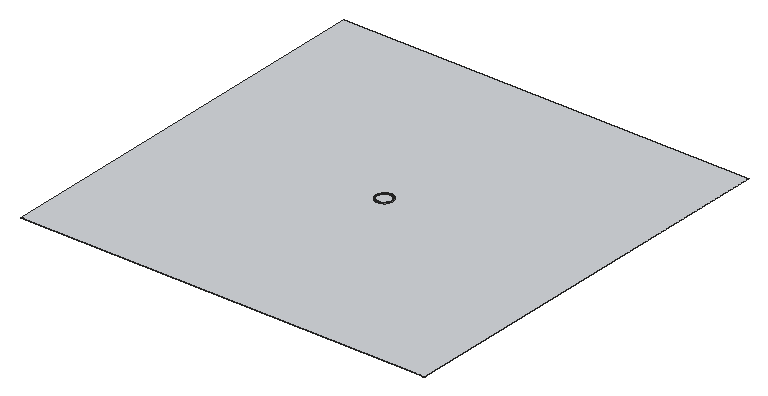
Revit family "LAMP_KOMBIC 100 ROUND IP40 TW OPAL", category Luminarias, Revit 2018
Family settings
  Anfitrión = Cara
  Cota de conector redondo = Diámetro de uso
  Tipo de pieza = Normal
  Corte con vacíos al cargar = No
  Origen de luz = Sí
  Compartido = No
  Punto de cálculo de habitación = No
Parameters (values of type "1246LM TW DALI W/W")
  Ángulo de inclinación = -90.00°
  Weight = 0.55 kg
  Wattage = 20.7 W
  UGR = ""
  Type = "BRIDGELUX"
  built-in parameter 1150107 = 3000 (stored number, unit not read)
  Recessed diameter = 95 mm
  built-in parameter 1150110 = 1 (stored number, unit not read)
  built-in parameter 1150109 = 1 (stored number, unit not read)
  built-in parameter 1150112 = 1 (stored number, unit not read)
  built-in parameter 1150113 = 1 (stored number, unit not read)
  built-in parameter 1114218 = 1 (stored number, unit not read)
  Protection rating = "IP40"
  Product datasheet = "http://www.lamp.es/product-files/TECH/K11RD2040OP9TWDWW-EN.pdf"
  Product code = "K11RD2040OP9TWDWW"
  Product URL = "https://www.lamp.es/en/family/kombic-downlight_33313"
  Power Supply = "220-240V 50/60Hz"
  Power = 16 W
  Plum = 20.7 W
  built-in parameter 1150137 = (empty or 0)
  built-in parameter 1150132 = 2
  Modelo = Product code  # "K11RD2040OP9TWDWW"
  Material reflector = LAMP_PC Reflector Kombic Blanco
  Material disipador = LAMP_Aluminio Disipador Kombic
  Material difusor = LAMP_PMMA Difusor Kombic
  Material aro = LAMP_Plástico genérico BL
  Manufacturer name = "LAMP"
  Manufacturer country = "Spain"
  Manufacturer URL = "http://www.lamp.es/en"
  MacAdam = "3"
  Luminaire type = "Downlight"
  Last update = "13/07/2021"
  Lamp = "HIGH POWER LED"
  LED Lifetime = "70.000 L80 B10"
  built-in parameter 1150105 = 1115.1 (stored number, unit not read)
  built-in parameter 1150102 = (empty or 0)
  Insulation class = "II"
  Installation instructions = "https://www.lamp.es/product-files/packed/by-family/33313_INS_all.zip"
  Initial color = "2700-5000K"
  built-in parameter 1150106 = 11.151 (stored number, unit not read)
  IEE = "A"
  Height = 75 mm
  Gear = "Electronic"
  Lumens = 1246.14 lm
  Finish = "Matte white RAL 9010"
  Color Filter = 16777215
  built-in parameter 1114217 = 1 (stored number, unit not read)
  built-in parameter 1150139 = (empty or 0)
  Fabricante = Manufacturer name  # "LAMP"
  Default Elevation = 1219.2 mm
  built-in parameter 1150104 = 5.5928 (stored number, unit not read)
  Efficacy = 60.2 lm/W
  Diameter = 99 mm
  built-in parameter 1150115 = 1 (stored number, unit not read)
  built-in parameter 1150114 = 1 (stored number, unit not read)
  built-in parameter 1150138 = (empty or 0)
  built-in parameter 1150134 = (empty or 0)
  Dimming Lamp Color Temperature Shift = (empty or 0)
  CRI = "90"
  Archivo de red fotométrica = "K11RD2040OP9TWDWW.IES"
  built-in parameter 1150133 = 10 (stored number, unit not read)
Types (3, lengths in mm): name | Product datasheet | Product code | Modelo | Material reflector | built-in parameter 1150105 | built-in parameter 1150106 | Lumens | Finish | built-in parameter 1150104 | Efficacy | Archivo de red fotométrica
  1246LM TW DALI W/W | "http://www.lamp.es/product-files/TECH/K11RD2040OP9TWDWW-EN.pdf" | "K11RD2040OP9TWDWW" | "K11RD2040OP9TWDWW" | LAMP_PC Reflector Kombic Blanco | 1115.1 (stored number, unit not read) | 11.151 (stored number, unit not read) | 1246.14 lm | "Matte white RAL 9010" | 5.5928 (stored number, unit not read) | 60.2 lm/W | "K11RD2040OP9TWDWW.IES"
  1263LM TW DALI M/W | "http://www.lamp.es/product-files/TECH/K11RD2040OP9TWDMW-EN.pdf" | "K11RD2040OP9TWDMW" | "K11RD2040OP9TWDMW" | LAMP_PC Reflector Kombic Metalizado Mate | 1129.9 (stored number, unit not read) | 11.299 (stored number, unit not read) | 1262.7 lm | "Shiny white RAL 9010" | 5.6671 (stored number, unit not read) | 61 lm/W | "K11RD2040OP9TWDMW.IES"
  1349LM TW DALI BR/W | "http://www.lamp.es/product-files/TECH/K11RD2040OP9TWDRW-EN.pdf" | "K11RD2040OP9TWDRW" | "K11RD2040OP9TWDRW" | LAMP_PC Reflector Kombic Metalizado Brillante | 1207.7 (stored number, unit not read) | 12.077 (stored number, unit not read) | 1349.64 lm | "Shiny white RAL 9010" | 6.0573 (stored number, unit not read) | 65.2 lm/W | "K11RD2040OP9TWDRW.IES"
Reference planes
  plane 1 "Centro (Frontal/Posterior)": y = 0
  plane 2: z = 0
  plane 3 "Centro (Izquierda/Derecha)": x = 0
Forms (mm)
  Extrusion 1, solid
    sketch origin (0, 0, 0) x (1, 0, 0) y (0, 1, 0)
      loop
        line (-1219.2, 1219.2) -> (-1219.2, -1219.2) -> (1219.2, -1219.2) -> (1219.2, 1219.2) -> (-1219.2, 1219.2)
    from 0 to -1
  Revolve 2, solid, material "LAMP_Plástico genérico BL" <- "Material aro"
    sketch origin (0, 0, 1.5) x (-1, 0, 0) y (0, 0, -1)
      loop
        arc (37.791, 25.939) -> (31.498, 30.773) -> (23.839, 32.85) r 20.471
        line (23.839, 32.85) -> (23.839, 30.55)
        arc (23.839, 30.55) -> (39.935, 20.082) -> (44.765, 1.5) r 26.552
        line (44.765, 1.5) -> (43.765, 1.5) -> (43.765, 0) -> (49.506, 0) -> (49.506, 1.5) -> (46.246, 1.5)
        arc (46.246, 1.5) -> (44.417, 14.549) -> (37.791, 25.939) r 34.204
      axis (0, 32.85) -> (0, 0)
    angle from 0 to 360
  Revolve 3, solid, material "LAMP_Aluminio Disipador Kombic" <- "Material disipador"
    sketch origin (0, 0, 1.5) x (-1, 0, 0) y (0, 0, -1)
      loop
        line (0, 32.85) -> (46.5, 32.85) -> (46.5, 75.35) -> (0, 75.35) -> (0, 32.85)
      axis (0, 75.35) -> (0, 32.85)
    angle from 0 to 360
  Revolve 4, solid, material "LAMP_PMMA Difusor Kombic" <- "Material difusor"
    sketch origin (0, 0, 0) x (1, 0, 0) y (0, 0, 1)
      loop
        line (0, -28.081) -> (0, -31.35) -> (23.839, -31.35) -> (23.839, -28.081) -> (0, -28.081)
      axis (0, -28.081) -> (0, -31.35)
    angle from 0 to 360
  Revolve 5, solid, material "LAMP_PC Reflector Kombic Blanco" <- "Material reflector"
    sketch origin (0, 0, 0) x (1, 0, 0) y (0, 0, 1)
      loop
        arc (-44.765, 0) -> (-39.935, -18.582) -> (-23.839, -29.05) r 26.552
        line (-23.839, -29.05) -> (-23.839, -28.081)
        arc (-23.839, -28.081) -> (-39.146, -17.832) -> (-43.765, 0) r 25.895
        line (-43.765, 0) -> (-44.765, 0)
      axis (0, 0) -> (0, -29.05)
    angle from 0 to 360
Text (mm)
  text "Any modification of the parameters and properties of the LAMP BIM models must be executed and validated by the LAMP technical department.\nPhone: +34 93 736 68 00\nE-mail: lamp@lamp.es\n\nLAMP reserves the right to modify the technical specifications of its products." at (-2876.262, -5833.446, 1777.952), in view "Preview"
Dimensions and locks
  aligned and locked: plane 2 to Extrusion 1
  aligned and locked: level to Extrusion 1
Connectors
  electrical at (0, 0, -73.85)
    settings: on Revolve 3, index 1, voltage 230 V, apparent load 0 VA, apparent load phase1 0 VA, apparent load phase2 0 VA, apparent load phase3 0 VA, power factor 1, load classification "Otro", number of poles 1, system type 30, power factor state 1, is connector primary yes, connector utility no, sub classification motor no, connector description ""
